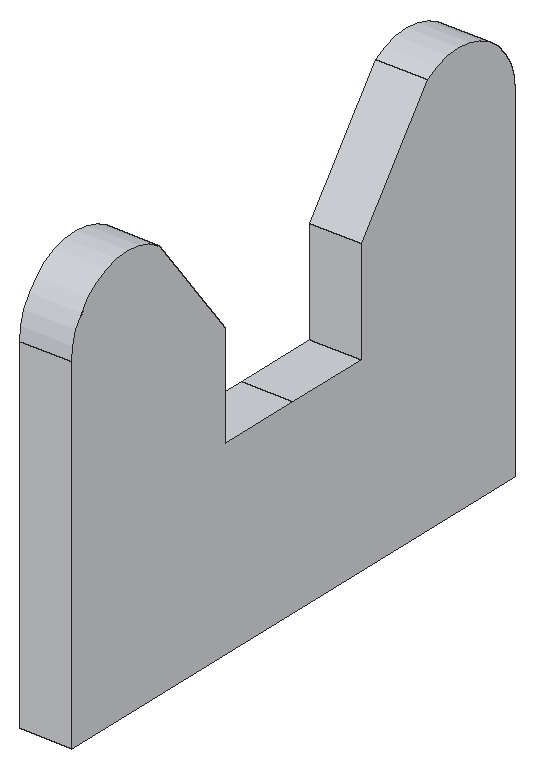
Revit family "abc", category Generic Models, Revit 2018
Family settings
  Can host rebar = No
  Round Connector Dimension = Use Diameter
  Part Type = Normal
  Work Plane-Based = No
  Always vertical = Yes
  Cut with Voids When Loaded = No
  Shared = No
  Room Calculation Point = No
Reference planes
  plane 1 "Center (Front/Back)": y = 0
  plane 2: z = 0
  plane 3 "Center (Left/Right)": x = 0
  plane 4: y = 60
  plane 5: x = 40
  plane 6: x = -40
Forms (mm)
  Extrusion 1, solid
    sketch origin (0, 29.966, 0) x (0, -1, 0) y (0, 0, 1)
      loop
        line (-40, 0) -> (40, 0) -> (40, 50)
        arc (40, 50) -> (34.669, 58.843) -> (24.361, 58.258) r 10
        line (24.361, 58.258) -> (12.322, 42.322) -> (12.322, 27.322) -> (0, 27.322) -> (-12.322, 27.322) -> (-12.322, 42.322) -> (-24.361, 58.258)
        arc (-24.361, 58.258) -> (-34.669, 58.843) -> (-40, 50) r 10
        line (-40, 50) -> (-40, 0)
    from 0 to 7.5
Dimensions and locks
  aligned and locked: level to plane 2
